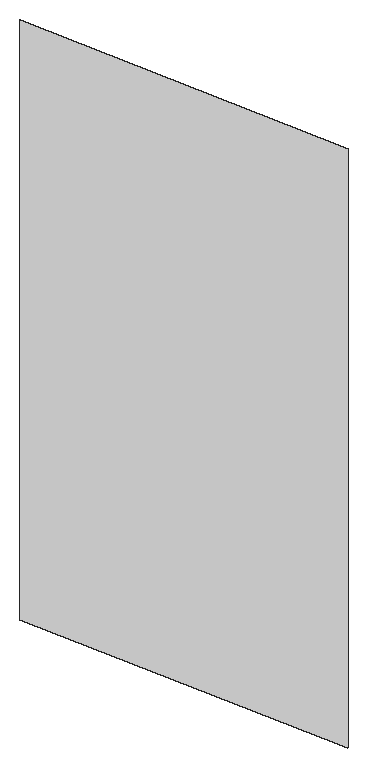
Revit family "M_Interruptor-Três vias", category Iluminação elétrica, Revit 2019
Family settings
  Hospedeiro = Parede
  Manter orientação da anotação = Não
  Cota do conector redondo = Utilizar diâmetro
  Tipo de parte = Normal
  Número OmniClass = 23.80.50.11.14
  Título OmniClass = Switches
  ID de item do Seek = Switch-Three Way-0000-CAN-ENU
  Sempre na vertical = Sim
  Corte com vazios quando carregada = Não
  Compartilhado = Não
  Ponto de cálculo do ambiente = Não
Parameters (values of type "Único")
  Largura = 70 mm
  Altura de montagem = 1200 mm
  Legenda = "3"
  Altura = 115 mm
  Material = Plástico, Branco Opaco
Reference planes
  plane 1: y = 0
  plane 2 "Centro (Esquerda/Direita)": x = 125
  plane 3 "Parte posterior": y = 75
  plane 4: z = 1200
  plane 5: x = 90
  plane 6: x = 160
  plane 7: z = 1257.5
  plane 8: z = 1142.5
  plane 9: y = 80
Forms (mm)
  Blend 1, solid, material "Plástico, Branco Opaco" <- "Material"
    base sketch origin (0, 75, 0) x (1, 0, 0) y (0, 0, 1)
      loop
        line (160, 1257.5) -> (90, 1257.5) -> (90, 1142.5) -> (160, 1142.5) -> (160, 1257.5)
    top sketch origin (0, 75, 0) x (1, 0, 0) y (0, 0, 1)
      loop
        line (155, 1252.5) -> (95, 1252.5) -> (95, 1147.5) -> (155, 1147.5) -> (155, 1252.5)
    from 0 to -5
Text (mm)
  text "Lado da colocação" at (0, 1270.507, 3001.832), in view "Esquerda"
  text "Lado da colocação" at (0, 530.812, 2999.686), in view "Direita"
Dimensions and locks
  locked: plane 3 "Parte posterior" to host wall
  "Altura": plane 8 to plane 7
  "Largura": plane 5 to plane 6
  equal spacing: plane 8, plane 4, plane 7
  equal spacing: plane 5, plane 2 "Centro (Esquerda/Direita)", plane 6
  "Altura de montagem": level to plane 4
  locked: plane 3 "Parte posterior" to plane 9 at 5
  aligned and locked: plane 1 to host wall
  aligned and locked: plane 6 to Blend 1 sketch curve
  aligned and locked: Blend 1 sketch curve to plane 7
  aligned and locked: plane 8 to Blend 1 sketch curve
  aligned and locked: plane 5 to Blend 1 sketch curve
  aligned and locked: plane 3 "Parte posterior" to nested 1
  aligned and locked: Blend 1 to plane 9
  aligned and locked: plane 3 "Parte posterior" to Blend 1
Automatic sketch dimensions
  Blend 1 sketch curve to plane 5 = 5 mm
  plane 6 to Blend 1 sketch curve = 5 mm
  Blend 1 sketch curve to plane 8 = 5 mm
  plane 7 to Blend 1 sketch curve = 5 mm
Nested families
  nested 1: "Anotação de interruptor com legenda" at (125, 75, 0), type "Anotação de interruptor com legenda"
Definition of nested family "Anotação de interruptor com legenda"
  Parameters
    Legenda = "D"
  Reference planes
    plane 1: y = 0
    plane 2: x = 0
  Lines and regions (mm)
    detail lines
      curve 1: arc (0.687, 4.366, 0) -> (-0.687, 4.366, 0) -> (0, 3.175, 0) r 0.794
      curve 2: arc (-0.846, 1.687, 0) -> (0.876, 1.693, 0) -> (0, 3.175, 0) r 0.992
      curve 3: line (0, 1.191, 0) -> (0, 0.222, 0)
  Text (mm)
    label "Legenda" at (2.034, 1.9, 0), shows "Legenda"
